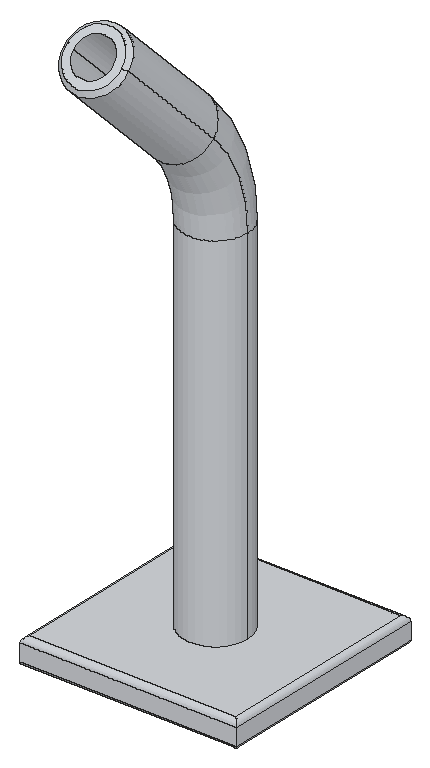
Revit family "Shower-Showerarm-KOHLER-Loure-K-14679", category Plumbing Fixtures, host Face, Revit 2015
Parameters (values of type "CP-Polished Chrome")
  Width = 2 11/16"  # constant formula
  WaterSense Certified = 1 = 0  # no
  Waste Water Outlet = "Waste Water Outlet"  # constant formula
  Waste Connection = 1 = 0  # no
  Vent Connection = 1 = 0  # no
  URL = "https://www.us.kohler.com/us/"
  Type = 1
  Tempered water Inlet = "Tempered water Inlet"  # constant formula
  Product Page URL = "http://www.us.kohler.com/us/catalog/productDetails.jsp?productNumber=14679"
  Product Name = "Loure"  # constant formula
  Product Documentation Link = "https://www.us.kohler.com/webassets/kpna/catalog/pdf/en/K-14679_spec.pdf"
  Panel Thickness = 5/16"  # constant formula
  Model = if(Type = 1, "K-14679-CP", if(Type = 2, "K-14679-SN", if(Type = 3, "K-14679-BN", "NA")))  # "K-14679-CP"
  Material = "Solid brass construction"  # constant formula
  MasterFormat 2004 = "22.41.23"  # constant formula
  MasterFormat 1995 = "15410"  # constant formula
  Manufacturer Address = "444 Highland Dr, Kohler, WI 53044"  # constant formula
  Manufacturer = "KOHLER Co."  # constant formula
  Length = 7 1/2"  # constant formula
  Hot Water Inlet = "Hot Water Inlet"  # constant formula
  Height = Width  # 2 11/16"
  HW Connection = 1 = 1  # yes
  Finish = Kohler-Metal-CP-Polished_Chrome
  Environmental Product Declaration = ""
  Drain Included = 1 = 0  # no
  Description = "7-1/2 Inches shower arm and flange"  # constant formula
  Default Elevation = 72"
  Declare Label = ""
  Date Modified = "02/18/2019"  # constant formula
  Date Created = "02/18/2019"  # constant formula
  Copyright = "Copyright KOHLER Co."  # constant formula
  Contact Us = "https://www.us.kohler.com/us/static/contact.jsp"
  Cold Water Inlet = "Cold Water Inlet"  # constant formula
  CW Connection = 1 = 0  # no
  Assembly Code = "D2010700"
  ADA Compliant = 1 = 0  # no
Types (4): name | Type | Model | Finish
  (no name) | 1 | "K-14679-CP" | Kohler-Metal-CP-Polished_Chrome
  CP-Polished Chrome | 1 | "K-14679-CP" | Kohler-Metal-CP-Polished_Chrome
  SN-Vibrant Polished Nickel | 2 | "K-14679-SN" | Kohler-Metal-SN-Vibrant_Polished_Nickel
  BN-Vibrant  Brushed Nickel | 3 | "K-14679-BN" | Kohler-Metal-BN-Vibrant_Brushed_Nickel
Reference planes (in)
  plane 1 "Center (Front/Back)": y = 0
  plane 2: z = 0
  plane 3 "Center (Left/Right)": x = 0
  plane 4: x = -1.3500166
  plane 5: x = 1.3500166
  plane 6: y = -1.875
  plane 7: y = -1.3500183
  plane 8: z = 7.5
  plane 9: z = 7.5
  plane 10: y = 1.3500183
  plane 11: z = 0.3125
  plane 12: y = -2.1370086
Dimensions and locks (in)
  "Length": plane 9 to plane 2
  aligned and locked: plane 2 to host face
  aligned and locked: level to host face
Automatic sketch dimensions
  host sketch curve to host sketch curve = 96"  (x2)
Nested families (in)
  nested 1: "K-14679" at (0, 0, 0), type "K-14679"
Connectors (in)
  piping at (0, 0, 0), diameter 0.5, driven by "HW Connection", driven by "Tempered water Inlet"
    settings: on nested 1, index 1, connector inside diameter 24", connector length 0", flow factor 0, pipe flow 0 GPM, pressure drop 0.00 psi, fitting loss kfactor 0, connector angle 0.00°, fixture units 0, engagement length 0", angle of deflection 0.00°, flow configuration 0, flow direction 1, fitting loss method 0, system type 19, joint type 0, gender type 0, connector reference index -1, connector utility 1, adjustable connector no, is connector primary yes, connector description "Tempered water Inlet"
Definition of nested family "K-14679"
  Parameters (values of type "K-14679")
    Material = none
  Reference planes (in)
    plane 1 "Center (Front/Back)": y = 0
    plane 2: z = 0
    plane 3 "Center (Left/Right)": x = 0
    plane 4: z = 7.5
    plane 5: y = -1.875
    plane 6: x = -1.3500166
    plane 7: x = 1.3500166
    plane 8: y = 1.3499817
    plane 9: y = -1.3500183
    plane 10: z = 0.3125
  Forms (in)
    Sweep 1, solid, material <- "Material", detail levels medium+fine
      path origin (0, 0, 0.7249817) x (0, 1, 0) y (0, 0, 1)
        loop
          line (0, -0.7249817) -> (0, 4.1130976)
          arc (0, 4.1130976) -> (-0.1390934, 4.8123673) -> (-0.5351979, 5.4051795) r 1.8272798
          line (-0.5351979, 5.4051795) -> (-1.8900183, 6.76)
      profile origin (0, 0, 2.4190397) x (0, -1, 0) y (1, 0, 0)
        loop
          circle (0, 0) r 0.4050211
    Sweep 2, void
      path origin (0, -1.8900183, 7.4849817) x (1, 0, 0) y (0, 0.707107, 0.707107)
        loop
          circle (0, 0) r 0.4050211
      profile origin (0, -2.1764115, 7.1985885) x (0, -0.707107, -0.707107) y (0, -0.707107, 0.707107)
        loop
          line (0.0214096, -0.0764146) -> (0.0214096, 0.0297853) -> (-0.0847904, 0.0297853) -> (0.0214096, -0.0764146)
    Sweep 3, void
      path origin (0, 0, 0) x (0, 1, 0) y (0, 0, 1)
        loop
          line (0, -0.1619207) -> (0, 4.8380793)
          arc (0, 4.8380793) -> (-0.1390934, 5.537349) -> (-0.5351979, 6.1301612) r 1.8272798
          line (-0.5351979, 6.1301612) -> (-1.992023, 7.5869864)
      profile origin (0, 0, 2.3380793) x (0, -1, 0) y (1, 0, 0)
        loop
          circle (0, 0) r 0.25
    Sweep 4, solid, material <- "Material", detail levels medium+fine
      path origin (0, 0, 0) x (1, 0, 0) y (0, 1, 0)
        loop
          line (-1.3500166, 1.3499817) -> (-1.3500166, -1.3500183) -> (1.3499834, -1.3500183) -> (1.3499834, 1.3499817) -> (-1.3500166, 1.3499817)
      profile origin (-1.3500166, -0.0000183, 0) x (1, 0, 0) y (0, 0, 1)
        loop
          arc (0, 0.03125) -> (0.0091529, 0.0091529) -> (0.03125, 0) r 0.03125
          line (0.03125, 0) -> (0.1732877, 0) -> (0.1732877, 0.3125) -> (0.0670376, 0.3125)
          arc (0.0670376, 0.3125) -> (0.0196349, 0.2928651) -> (0, 0.2454624) r 0.0670376
          line (0, 0.2454624) -> (0, 0.03125)
    Extrusion 5, solid, material <- "Material", detail levels medium+fine
      sketch origin (0.0000042, 0, 0.7249813) x (1, 0, 0) y (0, 1, 0)
        loop
          line (-1.1767289, 1.176694) -> (-1.1767289, -1.1767306) -> (1.1766958, -1.1767306) -> (1.1766958, 1.176694) -> (-1.1767289, 1.176694)
      from -0.7249813 to -0.4124813
    Extrusion 6, solid, material <- "Material"
      sketch origin (0, 0, 0) x (1, 0, 0) y (0, 1, 0)
        loop
          circle (0, 0) r 0.25
      from 0 to 0.0521152
    Extrusion 7, solid, material <- "Material", detail levels coarse
      sketch origin (-0.0000041, 0, 0.71875) x (1, 0, 0) y (0, 1, 0)
        loop
          line (-1.3500166, 1.3499817) -> (-1.3500166, -1.3509271) -> (1.350887, -1.3509271) -> (1.350887, 1.3499817) -> (-1.3500166, 1.3499817)
      from -0.71875 to -0.40625
    Sweep 8, solid, material <- "Material", detail levels coarse
      path origin (0, 0, 0) x (0, 1, 0) y (0, 0, 1)
        loop
          line (0.015588, 0) -> (0.015588, 4.8380793)
          arc (0.015588, 4.8380793) -> (-0.1235054, 5.537349) -> (-0.5196098, 6.1301612) r 1.8272798
          line (-0.5196098, 6.1301612) -> (-1.8894486, 7.5)
      profile origin (0, 0.015588, 2.4190397) x (0, -1, 0) y (1, 0, 0)
        loop
          circle (0.015588, 0) r 0.4293852
  Cuts and joins
    Sweep 2, Sweep 3 cuts Sweep 1
    joined: Sweep 1, Sweep 4, Extrusion 5
    joined: Extrusion 7, Sweep 8
  Lines and regions (in)
    Masking region 1
      outline origin (0, 0, 0) x (1, 0, 0) y (0, 0, 1)
        loop
          line (-1.3184779, 0) -> (1.3184779, 0)
          arc (1.3184779, 0) -> (1.3410587, 0.0093533) -> (1.3504119, 0.031934) r 0.031934
          line (1.3504119, 0.031934) -> (1.3504119, 0.2449481)
          arc (1.3504119, 0.2449481) -> (1.3306264, 0.2927145) -> (1.28286, 0.3125) r 0.0675519
          line (1.28286, 0.3125) -> (0.4050211, 0.3125) -> (0.4050211, 7.4460872)
          spline (0.4050211, 7.4460872) -> (0.3912204, 7.5202161) -> (0.3507586, 7.5892933) -> (0.2863932, 7.6486112) -> (0.2025106, 7.6941274) -> (0.1048272, 7.7227401) -> (0, 7.7324993) -> (-0.1048272, 7.7227401) -> (-0.2025106, 7.6941274) -> (-0.2863932, 7.6486112) -> (-0.3507586, 7.5892933) -> (-0.3912204, 7.5202161) -> (-0.4050211, 7.4460872)
          line (-0.4050211, 7.4460872) -> (-0.4050211, 0.3125) -> (-1.28286, 0.3125)
          arc (-1.28286, 0.3125) -> (-1.3306264, 0.2927145) -> (-1.3504119, 0.2449481) r 0.0675519
          line (-1.3504119, 0.2449481) -> (-1.3504119, 0.031934)
          arc (-1.3504119, 0.031934) -> (-1.3410587, 0.0093533) -> (-1.3184779, 0) r 0.031934
    Masking region 2
      outline origin (0, 0, 0) x (0, 1, 0) y (0, 0, 1)
        loop
          line (0.4050211, 0.3125) -> (0.4050211, 4.841757)
          arc (0.4050211, 4.841757) -> (0.2357732, 5.6926238) -> (-0.2462042, 6.4139539) r 2.2234222
          line (-0.2462042, 6.4139539) -> (-1.5647307, 7.7324804) -> (-1.6425196, 7.7324804) -> (-2.137517, 7.237483) -> (-2.137517, 7.1596941) -> (-0.8222262, 5.8444032)
          arc (-0.8222262, 5.8444032) -> (-0.5134492, 5.3822858) -> (-0.4050211, 4.837181) r 1.4244273
          line (-0.4050211, 4.837181) -> (-0.4050211, 0.3125) -> (-1.2828337, 0.3125)
          arc (-1.2828337, 0.3125) -> (-1.3303145, 0.2928328) -> (-1.3499817, 0.245352) r 0.067148
          line (-1.3499817, 0.245352) -> (-1.3499817, 0.0312728)
          arc (-1.3499817, 0.0312728) -> (-1.3408221, 0.0091596) -> (-1.3187089, 0) r 0.0312728
          line (-1.3187089, 0) -> (1.3187089, 0)
          arc (1.3187089, 0) -> (1.3408221, 0.0091596) -> (1.3499817, 0.0312728) r 0.0312728
          line (1.3499817, 0.0312728) -> (1.3499817, 0.245352)
          arc (1.3499817, 0.245352) -> (1.3303145, 0.2928328) -> (1.2828337, 0.3125) r 0.067148
          line (1.2828337, 0.3125) -> (0.4050211, 0.3125)
    Masking region 3
      outline origin (0, 0, 0) x (1, 0, 0) y (0, 1, 0)
        loop
          line (0.4050211, -1.8511239) -> (0.4050211, -1.3500183) -> (1.3500166, -1.3500183) -> (1.3500166, 1.3499817) -> (0, 1.3499817) -> (-1.3500166, 1.3499817) -> (-1.3500166, -1.3500183) -> (-0.4050211, -1.3500183) -> (-0.4050211, -1.8511239)
          spline (-0.4050211, -1.8511239) -> (-0.3912204, -1.9252479) -> (-0.3507586, -1.9943204) -> (-0.2863932, -2.0536344) -> (-0.2025106, -2.0991476) -> (-0.1048272, -2.1277584) -> (0, -2.137517) -> (0.1048272, -2.1277584) -> (0.2025106, -2.0991476) -> (0.2863932, -2.0536344) -> (0.3507586, -1.9943204) -> (0.3912204, -1.9252479) -> (0.4050211, -1.8511239)
    symbolic lines, detail levels medium+fine
      curve 1: line (0, -2.137517, 7.1596941) -> (0, -1.5647307, 7.7324804)
      curve 2: arc (-0.4050211, 0, 0) -> (0, 0.4050211, 0) -> (0.4050211, 0, 0) r 0.4050211
      curve 3: spline (-0.4050211, -1.8511239, 0) -> (-0.3912204, -1.7769998, 0) -> (-0.3507586, -1.7079273, 0) -> (-0.2863932, -1.6486133, 0) -> (-0.2025106, -1.6031001, 0) -> (-0.1048272, -1.5744893, 0) -> (0, -1.5647307, 0) -> (0.1048272, -1.5744893, 0) -> (0.2025106, -1.6031001, 0) -> (0.2863932, -1.6486133, 0) -> (0.3507586, -1.7079273, 0) -> (0.3912204, -1.7769998, 0) -> (0.4050211, -1.8511239, 0)
      curve 4: spline (-0.3500161, -1.8900183, 0) -> (-0.3380895, -1.9540757, 0) -> (-0.3031228, -2.0137677, 0) -> (-0.2474987, -2.0650263, 0) -> (-0.175008, -2.1043585, 0) -> (-0.0905908, -2.1290837, 0) -> (0, -2.137517, 0) -> (0.0905908, -2.1290837, 0) -> (0.175008, -2.1043585, 0) -> (0.2474987, -2.0650263, 0) -> (0.3031228, -2.0137677, 0) -> (0.3380895, -1.9540757, 0) -> (0.3500161, -1.8900183, 0) -> (0.3380895, -1.8259609, 0) -> (0.3031228, -1.7662689, 0) -> (0.2474987, -1.7150103, 0) -> (0.175008, -1.6756781, 0) -> (0.0905908, -1.6509529, 0) -> (0, -1.6425196, 0) -> (-0.0905908, -1.6509529, 0) -> (-0.175008, -1.6756781, 0) -> (-0.2474987, -1.7150103, 0) -> (-0.3031228, -1.7662689, 0) -> (-0.3380895, -1.8259609, 0) -> (-0.3500161, -1.8900183, 0)
      curve 5: spline (0.25, -1.8900183, 0) -> (0.2414815, -1.9357715, 0) -> (0.2165064, -1.9784067, 0) -> (0.1767767, -2.0150183, 0) -> (0.125, -2.0431114, 0) -> (0.0647048, -2.0607715, 0) -> (0, -2.066795, 0) -> (-0.0647048, -2.0607715, 0) -> (-0.125, -2.0431114, 0) -> (-0.1767767, -2.0150183, 0) -> (-0.2165064, -1.9784067, 0) -> (-0.2414815, -1.9357715, 0) -> (-0.25, -1.8900183, 0) -> (-0.2414815, -1.8442651, 0) -> (-0.2165064, -1.80163, 0) -> (-0.1767767, -1.7650183, 0) -> (-0.125, -1.7369252, 0) -> (-0.0647048, -1.7192651, 0) -> (0, -1.7132416, 0) -> (0.0647048, -1.7192651, 0) -> (0.125, -1.7369252, 0) -> (0.1767767, -1.7650183, 0) -> (0.2165064, -1.80163, 0) -> (0.2414815, -1.8442651, 0) -> (0.25, -1.8900183, 0)
      curve 6: line (-0.4050211, -1.3500183, 0) -> (-0.4050211, 0, 0)
      curve 7: line (0.4050211, -1.3500183, 0) -> (0.4050211, 0, 0)
      curve 8: spline (1.350887, -1.3509271, 0) -> (1.3487608, -1.348837, 0) -> (1.3457534, -1.3458596, 0) -> (1.3419115, -1.3420415, 0) -> (1.3372954, -1.3374422, 0) -> (1.3319769, -1.3321336, 0) -> (1.3260392, -1.3261986, 0) -> (1.319575, -1.3197298, 0) -> (1.3126852, -1.3128283, 0) -> (1.3054775, -1.3056019, 0) -> (1.2980643, -1.2981633, 0) -> (1.2905615, -1.2906288, 0) -> (1.2830862, -1.283116, 0)
      curve 9: spline (1.3508923, 1.3508852, 0) -> (1.3488022, 1.3487591, 0) -> (1.3458248, 1.3457516, 0) -> (1.3420067, 1.3419098, 0) -> (1.3374074, 1.3372936, 0) -> (1.3320988, 1.3319751, 0) -> (1.3261637, 1.3260374, 0) -> (1.319695, 1.3195732, 0) -> (1.3127935, 1.3126835, 0) -> (1.305567, 1.3054757, 0) -> (1.2981284, 1.2980626, 0) -> (1.2905939, 1.2905597, 0) -> (1.2830811, 1.2830844, 0)
      curve 10: spline (-1.3509201, 1.3508905, 0) -> (-1.3487939, 1.3488004, 0) -> (-1.3457865, 1.345823, 0) -> (-1.3419446, 1.3420049, 0) -> (-1.3373285, 1.3374056, 0) -> (-1.33201, 1.332097, 0) -> (-1.3260723, 1.326162, 0) -> (-1.3196081, 1.3196932, 0) -> (-1.3127183, 1.3127917, 0) -> (-1.3055106, 1.3055653, 0) -> (-1.2980974, 1.2981267, 0) -> (-1.2905946, 1.2905922, 0) -> (-1.2831193, 1.2830793, 0)
      curve 11: spline (-1.2831142, -1.283121, 0) -> (-1.290627, -1.2905964, 0) -> (-1.2981615, -1.2980992, 0) -> (-1.3056001, -1.3055123, 0) -> (-1.3128266, -1.3127201, 0) -> (-1.3197281, -1.3196098, 0) -> (-1.3261968, -1.3260741, 0) -> (-1.3321319, -1.3320117, 0) -> (-1.3374405, -1.3373302, 0) -> (-1.3420398, -1.3419464, 0) -> (-1.3458579, -1.3457882, 0) -> (-1.3488353, -1.3487957, 0) -> (-1.3509254, -1.3509218, 0)
      curve 12: line (0, 0.4050211, 0.3125) -> (0, -0.4050211, 0.3125)
      curve 13: line (-0.4050211, 0, 0.3125) -> (0.4050211, 0, 0.3125)
  Dimensions and locks (in)
    plane 4 to plane 2 = 7 1/2"
    plane 5 to plane 1 "Center (Front/Back)" = 1 7/8"
    plane 4 to level = 7 1/2"
    aligned and locked: plane 2 to level
